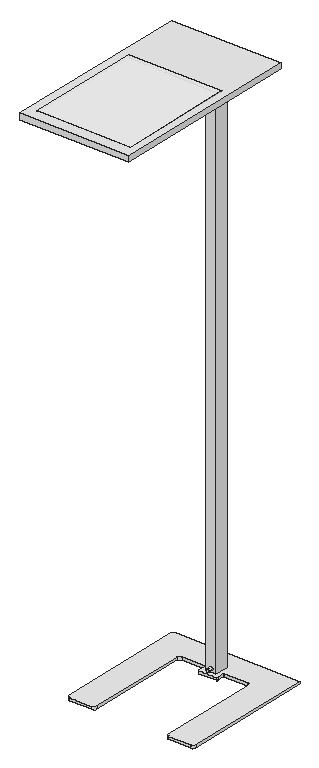
Revit family "0060800 Sylvania Lighting Fixture FREEOFFICE DIRECT INDIRECT 14KLM PIR GREY EC", category Lighting Fixtures, host Face, Revit 2016
Family settings
  Host = Face
  Part Type = Normal
  Round Connector Dimension = Use Diameter
  OmniClass Number = 23.80.70.11.17
  OmniClass Title = Specialized Lighting by Location or Use
  Cut with Voids When Loaded = No
  Light Source = Yes
  Shared = No
  Room Calculation Point = No
Parameters (values of type "0060800 FREEOFFICE D/I 14 PIR GREY EC")
  Weight = "22.8 kg"
  Wattage = 107 W
  WarrantyStartDate [instance] = "n/a"
  WarrantyGuarantorParts = "n/a"
  WarrantyDurationUnit = "n/a"
  WarrantyDurationParts = "n/a"
  WarrantyDescription = "n/a"
  built-in parameter 1150110 = 1 (stored number, unit not read)
  Voltage = 230 V
  TypeName = "FREEOFFICE DIRECT/INDIRECT 14KLM PIR GREY EC"
  built-in parameter 1114217 = 1 (stored number, unit not read)
  Tilt Angle = -90°
  built-in parameter 1150109 = 1 (stored number, unit not read)
  built-in parameter 1150134 = 12
  built-in parameter 1150113 = 1 (stored number, unit not read)
  SerialNumber [instance] = "n/a"
  Radius_FEILO = 165.0 mm
  URL = "http://www.sylvania-lighting.com"
  PowerFactor = 0.98
  PowerConsumption = "107 W"
  Photometric Web File = "0060800.ies"
  PIR_SYL = yes
  NominalWidth = 0.0 mm
  NominalLength = 690.0 mm
  NominalHeight = 2030.0 mm
  Name = "FREEOFFICE DIRECT/INDIRECT 14KLM PIR GREY EC"
  ModelReference = "FREEOFFICE DIRECT/INDIRECT 14KLM PIR GREY EC"
  ModelNumber = "0060800"
  Material_3_SYL = Body-Sylvania-FreeOffice-BLK
  Material_2_SYL = Polycarbonate_Sylvania_Sylcircle_Opal
  Material_1_SYL = Body-Sylvania-FreeOffice-GR
  Material = "head and pole : powder coated aluminium. stand: powder coated steel housing, pmma diffuser"
  ManufacturerName = "Feilo Sylvania"
  LuminousEfficacy = "132 lm/W"
  built-in parameter 1150105 = 4275.8 (stored number, unit not read)
  Lumens = 14124 lm
  LuminaireType = ""
  built-in parameter 1150115 = 1 (stored number, unit not read)
  LightOutputRatio = "n/a"
  built-in parameter 1150137 = (empty or 0)
  built-in parameter 1150139 = (empty or 0)
  LampsType = Lamp  # "LED"
  LampNominalLuminous = "14100 lm"
  LampMacAdamStep = "3"
  LampColourTemperature = "4000 K"
  LampColourRenderingIndex = "80"
  built-in parameter 1150112 = 1 (stored number, unit not read)
  built-in parameter 1150114 = 1 (stored number, unit not read)
  Keynote = "16500"
  InstallationDate [instance] = "n/a"
  InputVoltage = "220-240V~"
  InputNominalFrequency = "50/60 Hz"
  built-in parameter 1150132 = (empty or 0)
  built-in parameter 1150102 = (empty or 0)
  built-in parameter 1150107 = 4000 (stored number, unit not read)
  built-in parameter 1150138 = (empty or 0)
  IngressProtection = "IP20"
  ImpactProtectionIndex = "IK02"
  built-in parameter 1150106 = 42.758 (stored number, unit not read)
  IfcExportType = "IfcLightFixtureType"
  IfcExportAs = "IfcLightFixtureType"
  Height_FEILO = 96.0 mm
  ExpectedLife = 50000
  Emit from Rectangle Width = 340.1 mm
  Emit from Rectangle Length = 564.6 mm
  Emit Shape Visible in Rendering = no
  ElectricShockClassification = "Class I"
  built-in parameter 1150104 = 12.263 (stored number, unit not read)
  DurationUnit = "hours"
  DocumentationLiterature = "http://www.sylvania-lighting.com/product/en-int/products/0060800"
  DimmingControlOptions = "Dimmable"
  Dimming Lamp Color Temperature Shift = <None>
  Diameter_FEILO = 2 * Radius_FEILO  # 330.0 mm
  CreatedOn = "12/5/2018"
  CreatedBy = "@sylvania-lighting.com"
  Color Filter = 16777215
  built-in parameter 1114216 [instance] = 1 (stored number, unit not read)
  Model = "FREEOFFICE DIRECT/INDIRECT 14KLM PIR GREY EC"
  Manufacturer = "Feilo Sylvania"
  Lamp = "LED"
  Description = "FREEOFFICE DIRECT/INDIRECT 14KLM PIR GREY EC is a highly efficient free-standing floor lamp providing optimal illumination for single and twin workstations. 80% uplight and 20% downlight ratio for ambient and task lighting from a single luminaire. Microprismatic PMMA optics for advanced glare control. Grey RAL7035 powder coated luminaire body. Aluminium head and pole for high-quality appearance, steel stand for higher stability. Luminaire dimensions: Head: 690x397x25mm, Stand: 480x460x16mm, Pole: 55x35x2030mm. Operated and dimmed with a push button located in the pole at a height suitable to be used with adjustable height desks. Equipped with presence and daylight sensor. Up and downlight dims together. 4000K Neutral White LED, CRI>80, chromaticity tolerance: SDCM<3. Luminous flux: 14100lm. Power consumption 107W. Luminaire efficacy: 132lm/W. Lumen maintenance: L80B50=55000h. UGR<16, Luminance at 65°<3000 cd/m2. IK02, IP20. Photobiological safety risk group 0. Electrical protection: Class I. Glow wire test: 650°C. Supplied with 3m cable with DIN 49441-R2 plug."
  Default Elevation = 0.0 mm
  built-in parameter 1140040 [instance] = 1
  BarCode [instance] = "n/a"
  built-in parameter 1114218 = 1 (stored number, unit not read)
  built-in parameter 1150133 = 10 (stored number, unit not read)
  AssetType = "Fixed"
  AssetIdentifier [instance] = "n/a"
  Assembly Code = "D5020200"
  Apparent Load = 107 VA
Reference planes
  plane 1 "Center (Front/Back)": y = 0
  plane 2: z = 0
  plane 3 "Center (Left/Right)": x = 0
  plane 4: z = 2030
  plane 5: x = 230
  plane 6: x = -230
  plane 7: x = 18
  plane 8: x = -18
  plane 9: x = -198.5
  plane 10: x = 198.5
  plane 11: y = 25
  plane 12: y = -25
  plane 13: y = -390.174
  plane 14: y = 89.826
  plane 15: y = -645
  plane 16: y = 44
  plane 17: z = 9
  plane 18: z = 2010
  plane 19: y = -187.327
  plane 20: y = -603.8
  plane 21: x = -170.03
  plane 22: x = 170.03
  plane 23: y = -39.174
  plane 24: z = 2020
  plane 25: x = 130
  plane 26: x = -130
  plane 27: y = -10.174
  plane 28: x = 34
  plane 29: x = -34
  plane 30: y = -39.174
  plane 31: y = -321.487
  plane 32: z = 21
  plane 33: y = -624.4
  plane 34: z = 2009
Forms (mm)
  Extrusion 1, solid, material "Body-Sylvania-FreeOffice-GR" <- "Material_1_SYL"
    sketch origin (-1380.213, -4572, 2010) x (-1, 0, 0) y (0, -1, 0)
      loop
        line (-1181.713, -3927) -> (-1578.713, -3927) -> (-1578.713, -4616) -> (-1181.713, -4616) -> (-1181.713, -3927)
    from 0 to 20
  Extrusion 2, void
    sketch origin (-1380.213, -4572, 2030) x (0, -1, 0) y (-1, 0, 0)
      loop
        line (-4384.673, -1210.183) -> (-4384.673, -1550.243) -> (-3968.2, -1550.243) -> (-3968.2, -1210.183) -> (-4384.673, -1210.183)
    from 0 to 20
  Extrusion 3, void
    sketch origin (-1380.213, -4572, 2010) x (0, -1, 0) y (-1, 0, 0)
      loop
        line (-3968.2, -1210.183) -> (-4532.826, -1210.183) -> (-4532.826, -1550.243) -> (-3968.2, -1550.243) -> (-3968.2, -1210.183)
    from 0 to -10
  Extrusion 4, solid, material "Body-Sylvania-FreeOffice-GR" <- "Material_1_SYL"
    sketch origin (0, 0, 0) x (1, 0, 0) y (0, 1, 0)
      loop
        line (-230, 79.826) -> (-230, -380.174)
        arc (-230, -380.174) -> (-227.071, -387.245) -> (-220, -390.174) r 10
        line (-220, -390.174) -> (-140, -390.174)
        arc (-140, -390.174) -> (-132.929, -387.245) -> (-130, -380.174) r 10
        line (-130, -380.174) -> (-130, -20.174)
        arc (-130, -20.174) -> (-127.071, -13.103) -> (-120, -10.174) r 10
        line (-120, -10.174) -> (-36, -10.174)
        arc (-36, -10.174) -> (-34.586, -10.76) -> (-34, -12.174) r 2
        line (-34, -12.174) -> (-34, -37.174)
        arc (-34, -37.174) -> (-33.414, -38.588) -> (-32, -39.174) r 2
        line (-32, -39.174) -> (32, -39.174)
        arc (32, -39.174) -> (33.414, -38.588) -> (34, -37.174) r 2
        line (34, -37.174) -> (34, -12.174)
        arc (34, -12.174) -> (34.586, -10.76) -> (36, -10.174) r 2
        line (36, -10.174) -> (120, -10.174)
        arc (120, -10.174) -> (127.071, -13.103) -> (130, -20.174) r 10
        line (130, -20.174) -> (130, -380.174)
        arc (130, -380.174) -> (132.929, -387.245) -> (140, -390.174) r 10
        line (140, -390.174) -> (220, -390.174)
        arc (220, -390.174) -> (227.071, -387.245) -> (230, -380.174) r 10
        line (230, -380.174) -> (230, 89.826) -> (-220, 89.826)
        arc (-220, 89.826) -> (-227.071, 86.897) -> (-230, 79.826) r 10
    from 0 to 9
  Extrusion 5, solid, material "Body-Sylvania-FreeOffice-GR" <- "Material_1_SYL"
    sketch origin (645.563, -4597, 9) x (0, -1, 0) y (-1, 0, 0)
      loop
        line (-4622, 663.563) -> (-4622, 627.563) -> (-4572, 627.563) -> (-4572, 663.563) -> (-4622, 663.563)
    from 0 to -2001
  Extrusion 6, solid, material "Body-Sylvania-FreeOffice-GR" <- "Material_1_SYL"
    sketch origin (747.1, -25, 1219.2) x (1, 0, 0) y (0, 0, 1)
      loop
        circle (-747.1, -1198.2) r 5
    from 0 to 14.174
  Extrusion 7, solid, material "Polycarbonate_Sylvania_Sylcircle_Opal" <- "Material_2_SYL"
    sketch origin (-1380.213, -4572, 2030) x (-1, 0, 0) y (0, -1, 0)
      loop
        line (-1550.243, -3968.2) -> (-1550.243, -4384.673) -> (-1210.183, -4384.673) -> (-1210.183, -3968.2) -> (-1550.243, -3968.2)
    from 0 to -10
  Extrusion 8, solid, material "Polycarbonate_Sylvania_Sylcircle_Opal" <- "Material_2_SYL"
    sketch origin (-1380.213, -4572, 2010) x (-1, 0, 0) y (0, -1, 0)
      loop
        line (-1210.183, -4532.826) -> (-1210.183, -3968.2) -> (-1550.243, -3968.2) -> (-1550.243, -4532.826) -> (-1210.183, -4532.826)
    from 0 to 10
  Revolve 9, solid, material "Body-Sylvania-FreeOffice-BLK" <- "Material_3_SYL", visible <- "PIR_SYL"
    sketch origin (747.1, -624.4, 1219.2) x (1, 0, 0) y (0, 0, 1)
      loop
        line (-757.1, 789.8) -> (-754.426, 789.8)
        arc (-754.426, 789.8) -> (-751.007, 787.781) -> (-747.1, 787.079) r 11.221
        line (-747.1, 787.079) -> (-747.1, 790.8) -> (-757.1, 790.8) -> (-757.1, 789.8)
      axis (-747.1, 790.8) -> (-747.1, 787.079)
    angle from 0 to 360
Cuts and joins
  Extrusion 2, Extrusion 3 cuts Extrusion 1
Lines and regions (mm)
  reference lines
    curve 1: circle (0, 0, 21) r 5 normal (0, -1, 0)
    curve 2: circle (0, -624.4, 2010) r 10 normal (0, 0, 1)
Dimensions and locks
  equal spacing: plane 12, plane 1 "Center (Front/Back)", plane 11
  locked: plane 12 to plane 11 at 50
  equal spacing: plane 8, plane 3 "Center (Left/Right)", plane 7
  plane 8 to plane 7 = 36.0 mm
  equal spacing: plane 9, plane 3 "Center (Left/Right)", plane 10
  plane 9 to plane 10 = 397.0 mm
  equal spacing: plane 6, plane 3 "Center (Left/Right)", plane 5
  locked: plane 6 to plane 5 at 460
  locked: plane 4 to plane 2 at 2030
  locked: plane 13 to plane 1 "Center (Front/Back)" at 390.174
  locked: plane 13 to plane 14 at 480
  locked: plane 15 to plane 1 "Center (Front/Back)" at 645
  locked: plane 15 to plane 16 at 689
  locked: plane 17 to plane 2 at 9
  locked: plane 4 to plane 18 at 20
  locked: plane 19 to plane 1 "Center (Front/Back)" at 187.327
  locked: plane 20 to plane 19 at 416.473
  equal spacing: plane 21, plane 3 "Center (Left/Right)", plane 22
  plane 21 to plane 22 = 340.059 mm
  locked: plane 20 to plane 23 at 564.626
  equal spacing: plane 4, plane 24, plane 18
  equal spacing: plane 26, plane 3 "Center (Left/Right)", plane 25
  locked: plane 26 to plane 25 at 260
  locked: plane 27 to plane 14 at 100
  equal spacing: plane 29, plane 3 "Center (Left/Right)", plane 28
  locked: plane 29 to plane 28 at 68
  locked: plane 30 to plane 27 at 29
  equal spacing: plane 20, plane 31, plane 23
  locked: plane 32 to host face at 21
  equal spacing: plane 15, plane 33, plane 20
  locked: Revolve 9 sketch curve to plane 18 at 7.5
  locked: plane 18 to plane 34 at 1
  radius of curve 2 = 10.0 mm
  aligned and locked: plane 2 to host face
  aligned and locked: level to host face
  aligned and locked: plane 15 to Extrusion 1 sketch curve
  aligned and locked: Extrusion 1 sketch curve to plane 9
  aligned and locked: Extrusion 1 sketch curve to plane 16
  aligned and locked: plane 10 to Extrusion 1 sketch curve
  aligned and locked: plane 4 to Extrusion 1
  aligned and locked: Extrusion 1 to plane 18
  aligned and locked: Extrusion 2 sketch curve to plane 19
  aligned and locked: plane 20 to Extrusion 2 sketch curve
  aligned and locked: Extrusion 2 to plane 18
  aligned and locked: plane 4 to Extrusion 2
  aligned and locked: plane 21 to Extrusion 2 sketch curve
  aligned and locked: plane 22 to Extrusion 2 sketch curve
  aligned and locked: Extrusion 3 sketch curve to cut or joined group of Extrusion 1, Extrusion 2, Extrusion 3  (x2)
  aligned and locked: plane 23 to Extrusion 3 sketch curve
  aligned and locked: plane 22 to Extrusion 3 sketch curve
  aligned and locked: Extrusion 3 to plane 18
  aligned and locked: plane 24 to Extrusion 3
  aligned and locked: Extrusion 4 sketch curve to plane 14
  aligned and locked: Extrusion 4 sketch curve to plane 6
  aligned and locked: plane 13 to Extrusion 4 sketch curve  (x2)
  aligned and locked: Extrusion 4 sketch curve to plane 26
  aligned and locked: Extrusion 4 sketch curve to plane 25
  aligned and locked: plane 5 to Extrusion 4 sketch curve
  aligned and locked: plane 29 to Extrusion 4 sketch curve
  aligned and locked: plane 30 to Extrusion 4 sketch curve
  aligned and locked: Extrusion 4 sketch curve to plane 28
  aligned and locked: Extrusion 4 sketch curve to plane 27
  aligned and locked: Extrusion 4 to plane 17
  aligned and locked: Extrusion 4 to level
  aligned and locked: Extrusion 5 sketch curve to plane 8
  aligned and locked: plane 7 to Extrusion 5 sketch curve
  aligned and locked: plane 18 to Extrusion 5
  aligned and locked: plane 11 to Extrusion 5 sketch curve
  aligned and locked: Extrusion 5 sketch curve to plane 12
  aligned and locked: plane 24 to imposter light
  aligned and locked: imposter light to plane 3 "Center (Left/Right)"
  aligned and locked: imposter light to plane 31
  aligned and locked: Extrusion 6 sketch curve to curve 1
  aligned and locked: Extrusion 6 to plane 12
  aligned and locked: Extrusion 6 to cut or joined group of Extrusion 1, Extrusion 2, Extrusion 3
  aligned and locked: Extrusion 7 sketch curve to cut or joined group of Extrusion 1, Extrusion 2, Extrusion 3  (x4)
  aligned and locked: Extrusion 7 to plane 4
  aligned and locked: Extrusion 7 to cut or joined group of Extrusion 1, Extrusion 2, Extrusion 3
  aligned and locked: Extrusion 8 sketch curve to cut or joined group of Extrusion 1, Extrusion 2, Extrusion 3  (x4)
  aligned and locked: Extrusion 8 to cut or joined group of Extrusion 1, Extrusion 2, Extrusion 3
  aligned and locked: Extrusion 8 to plane 18
  aligned and locked: plane 3 "Center (Left/Right)" to curve 2
  aligned and locked: plane 33 to curve 2
  aligned and locked: plane 3 "Center (Left/Right)" to Revolve 9 sketch curve  (x2)
  aligned and locked: Revolve 9 sketch curve to plane 3 "Center (Left/Right)"
  aligned and locked: Revolve 9 sketch curve to plane 34
Automatic sketch dimensions
  host sketch curve to host sketch curve = 1305.563 mm
  host sketch curve to host sketch curve = 1283.632 mm
  plane 27 to Extrusion 4 sketch curve = 0.0 mm
  plane 6 to Extrusion 4 sketch curve = 10.0 mm  (x2)
  Extrusion 4 sketch curve to plane 13 = 10.0 mm
  Extrusion 4 sketch curve to plane 26 = 10.0 mm
  Extrusion 4 sketch curve to Extrusion 4 sketch curve = 2.0 mm
  plane 29 to Extrusion 4 sketch curve = 2.0 mm
  Extrusion 4 sketch curve to plane 28 = 2.0 mm
  plane 28 to Extrusion 4 sketch curve = 2.0 mm
  Extrusion 4 sketch curve to plane 25 = 10.0 mm
  Extrusion 4 sketch curve to Extrusion 4 sketch curve = 10.0 mm
  Extrusion 4 sketch curve to plane 5 = 10.0 mm
  curve 1 to plane 3 "Center (Left/Right)" = 0.0 mm
  curve 1 to plane 32 = 0.0 mm
  Revolve 9 sketch curve to plane 18 = 0.0 mm
  Revolve 9 sketch curve to plane 3 "Center (Left/Right)" = 7.326 mm
  Revolve 9 sketch curve to Revolve 9 sketch curve = 2.674 mm
  Revolve 9 sketch curve to level = 94.652 mm
  plane 4 to Revolve 9 sketch curve = 432.257 mm
  radius of curve 1 = 5.0 mm
Connectors
  electrical at (0, -39.174, 21), driven by "PowerFactor", driven by "Voltage", driven by "Apparent Load", driven by "Apparent Load"
    settings: on Extrusion 6, index 1, voltage 230 V, apparent load 107 VA, apparent load phase1 107 VA, apparent load phase2 0 VA, apparent load phase3 0 VA, power factor 0.98, load classification "Other", number of poles 1, system type 30, power factor state 1, is connector primary yes, connector utility no, sub classification motor no, connector description ""
